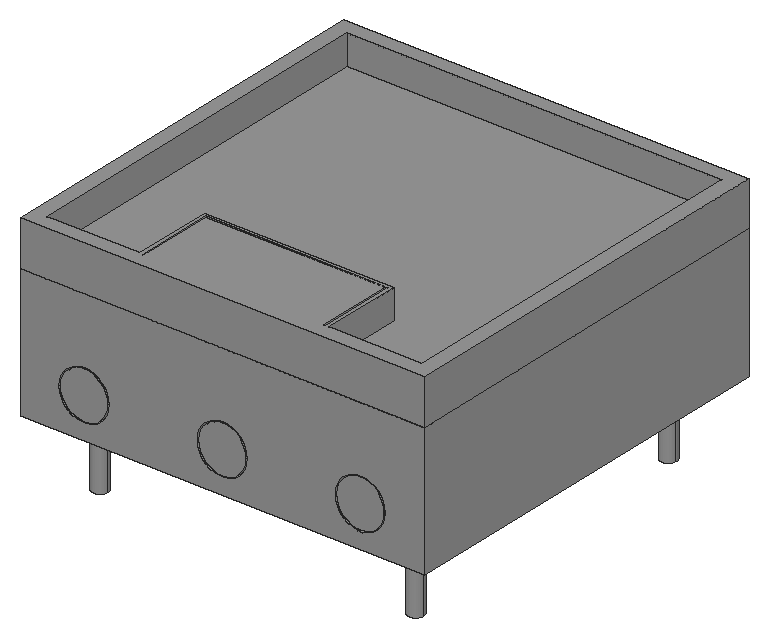
Revit family "Bodentank UDHOME4", category Generic Models, Revit 2015
Parameters (values of type "UDHOME4 2V V")
  Width 1 = 138 mm
  Width = 205 mm
  URL = "http://www.obo-bettermann.com"
  Material = Stainless Steel
  Manufacturer Art.No. = "7427200"
  Manufacturer = "OBO Bettermann"
  Length 1 = 138 mm
  Length = 205 mm
  HeightCalc = if(Height < 95 mm, 95 mm, (if(Height > 125 mm, 125 mm, Height)))  # 125 mm
  Height 1 = 90 mm
  Height = 125 mm
  GTIN = "4012195916383"
  Article Type = "UDHOME4 2V V"
Types (5, lengths in mm): name | Material | Manufacturer Art.No. | GTIN | Article Type
  (no name) | Stainless Steel | "7427200" | "4012195916383" | "UDHOME4 2V V"
  UDHOME4 2V V | Stainless Steel | "7427200" | "4012195916383" | "UDHOME4 2V V"
  UDHOME4 2M V | Brass, Soft Yellow, Welded | "7427204" | "4012195916420" | "UDHOME4 2M V"
  UDHOME4 2V MT U | Stainless Steel | "7427248" | "4012195916628" | "UDHOME4 2V MT U"
  UDHOME4 2M MT U | Brass, Soft Yellow, Welded | "7427252" | "4012195916666" | "UDHOME4 2M MT U"
Reference planes
  plane 1 "Center (Front/Back)": y = 0
  plane 2: z = 0
  plane 3 "Center (Left/Right)": x = 0
  plane 4: z = 35
  plane 5: z = 36
  plane 6: z = 102
  plane 7: z = 125
  plane 8: z = 110
Forms (mm)
  Extrusion 1, solid, material "Stainless Steel"
    sketch origin (0, 0, 0) x (1, 0, 0) y (0, 1, 0)
      loop
        circle (-80, 80) r 4
      loop
        circle (-80, -80) r 4
      loop
        circle (80, 80) r 4
      loop
        circle (80, -80) r 4
    from 0 to 35
  Extrusion 2, solid, material "Stainless Steel"
    sketch origin (0, 0, 0) x (1, 0, 0) y (0, 1, 0)
      loop
        line (-102.5, 102.5) -> (-102.5, -102.5) -> (102.5, -102.5) -> (102.5, 102.5) -> (-102.5, 102.5)
    from 35 to 102
  Extrusion 3, void
    sketch origin (0, 0, 0) x (1, 0, 0) y (0, 1, 0)
      loop
        line (-95, 95) -> (-95, -95) -> (95, -95) -> (95, 95) -> (-95, 95)
    from 36 to 102
  Extrusion 4, void
    sketch origin (0, 0, 0) x (1, 0, 0) y (0, 0, 1)
      loop
        circle (-70, 56) r 12.75
      loop
        circle (70, 56) r 12.75
      loop
        circle (0, 56) r 12.75
      loop
        circle (-70, 56) r 12
      loop
        circle (0, 56) r 12
      loop
        circle (70, 56) r 12
    from -102.5 to 102.5
  Extrusion 5, void
    sketch origin (0, 0, 0) x (1, 0, 0) y (0, 1, 0)
      loop
        circle (0, 78.5) r 12.75
      loop
        circle (0, -78.5) r 12.75
      loop
        circle (0, 78.5) r 12
      loop
        circle (0, -78.5) r 12
    from 35 to 36
  Extrusion 6, solid, material "Stainless Steel" <- "Material"
    sketch origin (0, 0, 0) x (1, 0, 0) y (0, 1, 0)
      loop
        line (-102.5, 102.5) -> (-102.5, -102.5) -> (102.5, -102.5) -> (102.5, 102.5) -> (-102.5, 102.5)
      loop
        line (-95, -95) -> (-47.8, -95) -> (-47.8, -54) -> (47.8, -54) -> (47.8, -95) -> (95, -95) -> (95, 95) -> (-95, 95) -> (-95, -95)
    from 102 to 125
  Extrusion 7, solid, material "Stainless Steel" <- "Material"
    sketch origin (0, 0, 0) x (1, 0, 0) y (0, 1, 0)
      loop
        line (-47.8, -95) -> (-47.8, -54) -> (47.8, -54) -> (47.8, -95) -> (95, -95) -> (95, 95) -> (-95, 95) -> (-95, -95) -> (-47.8, -95)
    from 102 to 110
  Extrusion 8, void
    sketch origin (0, 0, 0) x (1, 0, 0) y (0, 1, 0)
      loop
        line (-46.3, -95) -> (-45.3, -95) -> (-45.3, -56.5) -> (45.3, -56.5) -> (45.3, -95) -> (46.3, -95) -> (46.3, -55.5) -> (-46.3, -55.5) -> (-46.3, -95)
    from 102 to 125
Cuts and joins
  Extrusion 3 cuts Extrusion 1
  Extrusion 3, Extrusion 4, Extrusion 5, Extrusion 8 cuts Extrusion 2
  Extrusion 8 cuts Extrusion 6
Dimensions and locks
  Extrusion 1 sketch curve to plane 3 "Center (Left/Right)" = 80 mm
  locked: plane 1 "Center (Front/Back)" to Extrusion 1 sketch curve at 80  (x2)
  locked: Extrusion 1 sketch curve to plane 3 "Center (Left/Right)" at 80
  locked: Extrusion 1 sketch curve to plane 1 "Center (Front/Back)" at 80  (x2)
  locked: plane 3 "Center (Left/Right)" to Extrusion 1 sketch curve at 80  (x2)
  "Width": Extrusion 2 sketch curve to Extrusion 2 sketch curve
  "Length": Extrusion 2 sketch curve to Extrusion 2 sketch curve
  plane 3 "Center (Left/Right)" to Extrusion 2 = 102.5 mm
  locked: Extrusion 4 sketch curve to cut or joined group of Extrusion 2, Extrusion 3, Extrusion 4, Extrusion 5, Extrusion 8 at 21  (x3)
  locked: plane 5 to plane 4 at 1
  equal spacing: Extrusion 2 sketch curve, plane 1 "Center (Front/Back)", Extrusion 2 sketch curve
  equal spacing: Extrusion 2 sketch curve, plane 3 "Center (Left/Right)", Extrusion 2 sketch curve
  locked: Extrusion 3 sketch curve to Extrusion 3 sketch curve at 190  (x2)
  equal spacing: Extrusion 3 sketch curve, plane 3 "Center (Left/Right)", Extrusion 3 sketch curve, locked at 95 each
  equal spacing: Extrusion 3 sketch curve, plane 1 "Center (Front/Back)", Extrusion 3 sketch curve, locked at 95 each
  locked: Extrusion 4 sketch curve to Extrusion 4 sketch curve at 70  (x2)
  locked: plane 1 "Center (Front/Back)" to Extrusion 5 sketch curve at 78.5
  locked: Extrusion 5 sketch curve to plane 1 "Center (Front/Back)" at 78.5
  locked: plane 6 to plane 4 at 67
  locked: Extrusion 6 sketch curve to Extrusion 6 sketch curve at 190  (x2)
  equal spacing: Extrusion 6 sketch curve, plane 3 "Center (Left/Right)", Extrusion 6 sketch curve, locked at 95 each
  equal spacing: Extrusion 6 sketch curve, plane 1 "Center (Front/Back)", Extrusion 6 sketch curve, locked at 95 each
  locked: Extrusion 6 sketch curve to Extrusion 6 sketch curve at 95.6
  equal spacing: Extrusion 6 sketch curve, plane 3 "Center (Left/Right)", Extrusion 6 sketch curve, locked at 47.8 each
  locked: cut or joined group of Extrusion 2, Extrusion 3, Extrusion 4, Extrusion 5, Extrusion 8 to Extrusion 6 sketch curve at 41
  "Height 1": plane 7 to plane 4
  locked: plane 7 to plane 8 at 15
  locked: Extrusion 8 sketch curve to Extrusion 8 sketch curve at 92.6
  equal spacing: Extrusion 8 sketch curve, plane 3 "Center (Left/Right)", Extrusion 8 sketch curve, locked at 46.3 each
  locked: Extrusion 6 to Extrusion 8 sketch curve at 1.5
  locked: Extrusion 8 sketch curve to Extrusion 8 sketch curve at 1  (x3)
  "HeightCalc": plane 7 to level
  diameter of Extrusion 1 sketch curve = 8 mm  (x4)
  diameter of Extrusion 4 sketch curve = 25.5 mm  (x3)
  diameter of Extrusion 4 sketch curve = 24 mm  (x3)
  diameter of Extrusion 5 sketch curve = 25.5 mm  (x2)
  diameter of Extrusion 5 sketch curve = 24 mm  (x2)
  aligned and locked: level to plane 2
  aligned and locked: plane 4 to Extrusion 1
  aligned and locked: Extrusion 1 to level
  aligned and locked: Extrusion 2 to Extrusion 1
  aligned and locked: Extrusion 3 to plane 5
  aligned and locked: Extrusion 2 to Extrusion 4  (x2)
  aligned and locked: Extrusion 2 to Extrusion 5
  aligned and locked: Extrusion 5 to Extrusion 3
  aligned and locked: cut or joined group of Extrusion 2, Extrusion 3, Extrusion 4, Extrusion 5, Extrusion 8 to Extrusion 3
  aligned and locked: plane 6 to Extrusion 2
  aligned and locked: Extrusion 6 sketch curve to cut or joined group of Extrusion 2, Extrusion 3, Extrusion 4, Extrusion 5, Extrusion 8  (x4)
  aligned and locked: Extrusion 6 sketch curve to Extrusion 6 sketch curve
  aligned and locked: Extrusion 6 to cut or joined group of Extrusion 2, Extrusion 3, Extrusion 4, Extrusion 5, Extrusion 8
  aligned and locked: plane 7 to Extrusion 6
  aligned and locked: Extrusion 7 sketch curve to Extrusion 6  (x5)
  aligned and locked: Extrusion 7 sketch curve to cut or joined group of Extrusion 2, Extrusion 3, Extrusion 4, Extrusion 5, Extrusion 8  (x3)
  aligned and locked: Extrusion 7 to cut or joined group of Extrusion 2, Extrusion 3, Extrusion 4, Extrusion 5, Extrusion 8
  aligned and locked: plane 8 to Extrusion 7
  aligned and locked: cut or joined group of Extrusion 6, Extrusion 8 to Extrusion 8
  aligned and locked: Extrusion 8 to Extrusion 2
Automatic sketch dimensions
  Extrusion 4 sketch curve to Extrusion 4 sketch curve = 0 mm  (x6)
  Extrusion 4 sketch curve to plane 3 "Center (Left/Right)" = 0 mm
  Extrusion 5 sketch curve to Extrusion 5 sketch curve = 0 mm  (x4)
  Extrusion 5 sketch curve to plane 3 "Center (Left/Right)" = 0 mm  (x2)
  Extrusion 8 sketch curve to Extrusion 8 sketch curve = 38.5 mm  (x2)
